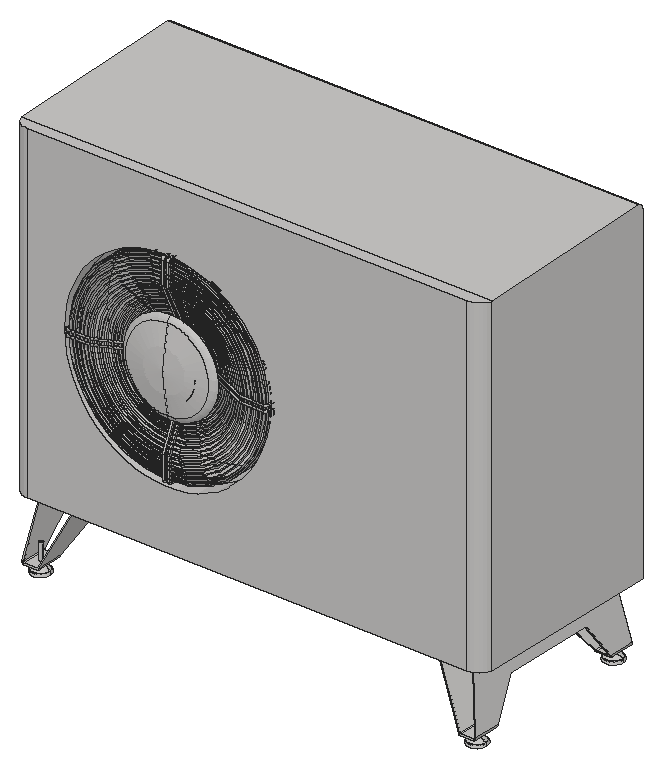
Revit family "HVAC_Heat-Pump_Enertech_CTC-EcoAir-406-408", category Specialty Equipment, Revit 2018
Family settings
  Round Connector Dimension = Use Diameter
  Part Type = Normal
  OmniClass Number = 23.75.00.00
  OmniClass Title = Climate Control (HVAC)
  Work Plane-Based = No
  Always vertical = Yes
  Cut with Voids When Loaded = No
  Shared = No
  Room Calculation Point = No
Parameters (values of type "CTC EcoAir 406 - 230V1N")
  Weight = "130"
  WaterVolumeWaterSuply = "N/A"
  WaterVolumeHeathingSystem = "1.9 liters"
  WarrantyStartDate [instance] = "n/a"
  WarrantyGuarantorParts = "n/a"
  WarrantyGuarantorLabor = "n/a"
  WarrantyDurationUnit = "Year"
  WarrantyDurationParts = "n/a"
  WarrantyDurationLabor = "n/a"
  WarrantyDescription = "n/a"
  VersionDate = "26/08/2021"  # constant formula
  Version = "1"  # constant formula
  UsageCurrent = 0 A
  Uniclass2015Reference = "Pr_40_70_65"
  Uniclass2015Description = "Preparation catering equipment"
  Uniclass2 = "Pr_40_70_65"
  URL = "https://ctc-heating.com/products/air-to-water-heat-pumps"
  UNSPSCCode = "40101806"
  Type Comments = ""
  Touchscreen = "no"
  TagNumber [instance] = "n/a"
  SustainabilityPerformance = "n/a"
  Status = "n/a"
  SpecifiedOutput = "6.2 kW"
  SoundPowerLWA = "56 dB"
  Sound pressureLPA 5m = "37 dB"
  Sound pressureLPA 1m = "N/A"
  Sound pressureLPA 10m = "31 dB"
  Size = "545x1245x1080 mm"
  Shape = "Rectangular"
  SerialNumber [instance] = "7312 xxxx xxxx"
  SEERWarm = "N/A"
  SEERModerate = "N/A"
  SEERCold = "N/A"
  SCOPWarm = "4.8"
  SCOPModerate = "3.9"
  SCOPCold = "3.5"
  Revision = "5"  # constant formula
  ReplacementCost = "n/a"
  RefrigerantType = "R407C"
  RefrigerantQuantity = "2.2 kg"
  ReferenceAirFlowRate = "N/A"
  Reference = "n/a"
  RatedVoltage = 230 V
  RatedHeatOutputModerate = "5 kW"
  RatedCurrent = 10.3 A
  PumpMainMaterial = Stainless Steel
  ProductInformation = "CTC EcoAir 400, a series of on/off air-to-water heat pumps available in six sizes with outputs of 6-17 kW. Model: 406-420"
  PowerFactor = 0 W
  PhaseReference = "n/a"
  PhaseAngle = 0.00°
  OutputRangeIimmersionHeater = "N/A"
  OutputRange = "n/a"
  NumberOfPoles = 1
  NominalWidth = 1245 mm
  NominalVoltage = 230 V
  NominalHeight = 1080 mm
  NominalFrequencyRange = 50 Hz
  NominalDepth = 545 mm
  NominalCurrent = 0 A
  Name = "CTC-EcoAir-406-408"  # constant formula
  NBSReference = "90-40-40/320"
  NBSDescription = "Air to water heat pumps"
  ModelReference = "n/a"
  ModelNumber = "585600011"
  MinimumCeilingHeight = "N/A"
  MaxStartingCurrent = "22.8 A"
  MaxOperatingPressureThermalStore = "3 bar"
  MaxOperatingPressureHotWater = "N/A"
  MaxAirFlowRate = "N/A"
  Material = "Steel/copper"
  ManufacturerURL = "https://ctc.se/"
  ManufacturerName = "Enertech AB"
  Model = "CTC EcoAir 406"
  ManufacturerCountry = "Sweden"
  Manufacturer = "Enertech AB"
  InsulationStandardClass = "n/a"
  InstallationDate [instance] = "n/a"
  InPutPower = "1.3 kW"
  IfcExportType = "HEATER"  # constant formula
  IfcExportAs = "IfcElectricalDeviceCommon"  # constant formula
  IP_Code = "IP X4"
  HotTapWaterPerformance = "N/A"
  HasProtectiveEarth = yes
  GroupFuse = "N/A"
  Grade = "n/a"
  Finish = "n/a"
  Features = "n/a"
  ExpectedLife = "n/a"
  EnergyClass_HotWater_TapProfile = "N/A"
  EnergyClassHeatingWithoutControl = "A++ / A+"
  EnergyClassHeatingWithControl = "A++ / A+"
  EANNumber = "7333077000103"
  DurationUnit = "Year"
  Description = "CTC EcoAir 400, a series of on/off air-to-water heat pumps available in six sizes with outputs of 6-17 kW. Model: 406-420"
  Cost = 0
  Constituents = "n/a"
  ConductorFunction = "n/a"
  Color = "grey"
  CodePerformance = "n/a"
  Capacity = "Fixed"
  COP = "4.78"
  CO2Equivalent = "3.902 tonnes"
  BrineSystem_Min_MaxPressure = "0.2 - 3.0 bar"
  Barcode [instance] = "n/a"
  AssetIdentifier [instance] = "n/a"
  Category = "Heat Pumps, Air-to-water"
  Brand = "CTC"
  BIMObjectName = "HVAC_Water-Heaters_Enertech_CTC-EcoAir-406-408"  # constant formula
  Author = "BIMStone"  # constant formula
  AssetType = "Fixed"
  AirFlow = "2500 m3/h"
  Accessories = ""
  AccessibilityPerformance = "n/a"
Reference planes
  plane 1 "Center (Front/Back)": y = 0
  plane 2: z = 0
  plane 3 "Center (Left/Right)": x = 0
  plane 4: x = -622.5
  plane 5: x = 622.5
  plane 6: y = 272.5
  plane 7: y = -272.5
  plane 8: z = 1080
Dimensions and locks
  equal spacing: plane 4, plane 3 "Center (Left/Right)", plane 5
  "NominalWidth": plane 4 to plane 5
  equal spacing: plane 6, plane 1 "Center (Front/Back)", plane 7
  "NominalDepth": plane 6 to plane 7
  "NominalHeight": plane 8 to level
  aligned and locked: level to plane 2
Nested families
  nested 1: "614" at (0, 0, 0), FanCap <- "PumpMainMaterial", Metal <- "PumpMainMaterial", type "614"
    with Metal Stainless Steel, FanCap Stainless Steel
Connectors
  electrical at (540.558, 300.904, 965.722)
    settings: on nested 1, index 4, voltage 0 V, apparent load 0 VA, apparent load phase1 0 VA, apparent load phase2 0 VA, apparent load phase3 0 VA, power factor 1, load classification "Other", number of poles 1, system type 31, power factor state 1, is connector primary yes, connector utility no, sub classification motor no, connector description ""
  piping at (537.759, 307.69, 784.435), diameter 28
    settings: on nested 1, index 5, connector inside diameter 609.6 mm, connector length 0 mm, flow factor 0, pipe flow 0.0 L/s, pressure drop 0.0 Pa, fitting loss kfactor 0, connector angle 0.00°, fixture units 0, engagement length 0 mm, angle of deflection 0.00°, flow configuration 0, flow direction 2, fitting loss method 0, system type 19, joint type 0, gender type 0, connector reference index -1, connector utility 0, adjustable connector no, is connector primary yes, connector description ""
  piping at (-91.596, 227.688, 160.958), diameter 42
    settings: on nested 1, index 6, connector inside diameter 609.6 mm, connector length 0 mm, flow factor 0, pipe flow 0.0 L/s, pressure drop 0.0 Pa, fitting loss kfactor 0, connector angle 0.00°, fixture units 0, engagement length 0 mm, angle of deflection 0.00°, flow configuration 0, flow direction 2, fitting loss method 0, system type 16, joint type 0, gender type 0, connector reference index -1, connector utility 0, adjustable connector no, is connector primary no, connector description ""
Definition of nested family "614"
  Parameters (values of type "614")
    Metal [instance] = none
    FanCap [instance] = none
  Reference planes
    plane 1 "Center (Front/Back)": y = 0
    plane 2: z = 0
    plane 3 "Center (Left/Right)": x = 0
    plane 4: y = 272.5
    plane 5: y = -272.5
    plane 6: x = -622.5
    plane 7: x = 622.5
    plane 8: z = 1080
  Forms (mm)
    Extrusion 1, solid, material <- "Metal", detail levels medium+fine
      sketch origin (0, -51.5, 0) x (1, 0, 0) y (0, 0, 1)
        loop
          line (-574.082, 182.179) -> (-600.551, 32.041)
          spline (-600.551, 32.041) -> (-600.646, 31.199) -> (-600.618, 30.351) -> (-600.469, 29.516) -> (-600.201, 28.711) -> (-599.82, 27.95) -> (-599.334, 27.251) -> (-598.752, 26.626) -> (-598.086, 26.089) -> (-597.35, 25.65) -> (-596.558, 25.318) -> (-595.726, 25.1) -> (-594.872, 25)
          line (-594.872, 25) -> (-560.514, 25)
          spline (-560.514, 25) -> (-559.958, 25.036) -> (-559.407, 25.122) -> (-558.867, 25.257) -> (-558.342, 25.44) -> (-557.836, 25.67) -> (-557.353, 25.943) -> (-556.897, 26.26) -> (-556.473, 26.615) -> (-556.083, 27.008) -> (-555.731, 27.433) -> (-555.42, 27.889) -> (-555.152, 28.37)
          line (-555.152, 28.37) -> (-479.238, 184.015)
          arc (-479.238, 184.015) -> (-478.132, 185.244) -> (-476.542, 185.7) r 3
          line (-476.542, 185.7) -> (-443, 185.7) -> (-443, 188.7) -> (-476.541, 188.7)
          arc (-476.541, 188.7) -> (-479.721, 187.789) -> (-481.934, 185.331) r 6
          line (-481.934, 185.331) -> (-557.839, 29.704)
          spline (-557.839, 29.704) -> (-557.976, 29.46) -> (-558.135, 29.23) -> (-558.315, 29.015) -> (-558.513, 28.816) -> (-558.729, 28.636) -> (-558.96, 28.477) -> (-559.206, 28.338) -> (-559.463, 28.222) -> (-559.73, 28.13) -> (-560.004, 28.062) -> (-560.283, 28.018) -> (-560.565, 28)
          line (-560.565, 28) -> (-594.758, 28)
          spline (-594.758, 28) -> (-595.186, 28.05) -> (-595.601, 28.159) -> (-595.997, 28.325) -> (-596.366, 28.545) -> (-596.698, 28.813) -> (-596.989, 29.125) -> (-597.232, 29.475) -> (-597.423, 29.855) -> (-597.557, 30.258) -> (-597.631, 30.676) -> (-597.645, 31.099) -> (-597.598, 31.521)
          line (-597.598, 31.521) -> (-571.129, 181.658)
          arc (-571.129, 181.658) -> (-572.441, 186.557) -> (-577.037, 188.7) r 6
          line (-577.037, 188.7) -> (-617.583, 188.7) -> (-617.583, 185.7) -> (-577.036, 185.7)
          arc (-577.036, 185.7) -> (-574.738, 184.628) -> (-574.082, 182.179) r 3
      from 209.05 to -322.5
    Extrusion 2, void
      sketch origin (0, -54.029, 0) x (0, 1, 0) y (0, 0, 1)
        loop
          line (320.757, 25) -> (292.005, 198.796) -> (-167.933, 198.796) -> (-198.014, 25) -> (-161.739, 25) -> (-130.105, 25) -> (-61.892, 123.298) -> (185.449, 123.298) -> (254.279, 25) -> (290.303, 25) -> (320.757, 25)
        loop
          line (398.479, -21.204) -> (398.479, 253.796) -> (-341.521, 253.796) -> (-341.521, -21.204) -> (398.479, -21.204)
      from 811.229 to -801.146
    Revolve 3, solid, material <- "Metal", detail levels medium+fine
      sketch origin (-65.118, 233.55, 0) x (-1, 0, 0) y (0, 0, 1)
        loop
          line (-642.631, 70) -> (-642.631, 0) -> (-616.967, 0) -> (-618.973, 6.04)
          arc (-618.973, 6.04) -> (-619.174, 6.44) -> (-619.48, 6.765) r 1.546
          line (-619.48, 6.765) -> (-630.811, 15.738)
          arc (-630.811, 15.738) -> (-631.165, 15.933) -> (-631.563, 16) r 1.211
          line (-631.563, 16) -> (-637.631, 16) -> (-637.631, 70) -> (-642.631, 70)
        axis (-642.631, 70) -> (-642.631, 0)
      angle from 0 to 360
    Revolve 4, solid, material <- "Metal", detail levels medium+fine
      sketch origin (65.118, 233.55, 0) x (1, 0, 0) y (0, 0, -1)
        loop
          line (-642.631, -70) -> (-637.631, -70) -> (-637.631, -16) -> (-631.563, -16)
          arc (-631.563, -16) -> (-631.165, -15.933) -> (-630.811, -15.738) r 1.211
          line (-630.811, -15.738) -> (-619.48, -6.765)
          arc (-619.48, -6.765) -> (-619.174, -6.44) -> (-618.973, -6.04) r 1.546
          line (-618.973, -6.04) -> (-616.967, 0) -> (-642.631, 0) -> (-642.631, -70)
        axis (-642.631, -70) -> (-642.631, 0)
      angle from 0 to 360
    Revolve 5, solid, material <- "Metal", detail levels medium+fine
      sketch origin (-65.118, -217.939, 0) x (-1, 0, 0) y (0, 0, 1)
        loop
          line (-642.631, 70) -> (-642.631, 0) -> (-616.967, 0) -> (-618.973, 6.04)
          arc (-618.973, 6.04) -> (-619.174, 6.44) -> (-619.48, 6.765) r 1.546
          line (-619.48, 6.765) -> (-630.811, 15.738)
          arc (-630.811, 15.738) -> (-631.165, 15.933) -> (-631.563, 16) r 1.211
          line (-631.563, 16) -> (-637.631, 16) -> (-637.631, 70) -> (-642.631, 70)
        axis (-642.631, 70) -> (-642.631, 0)
      angle from 0 to 360
    Revolve 6, solid, material <- "Metal", detail levels medium+fine
      sketch origin (65.118, -217.939, 0) x (1, 0, 0) y (0, 0, -1)
        loop
          line (-642.631, -70) -> (-637.631, -70) -> (-637.631, -16) -> (-631.563, -16)
          arc (-631.563, -16) -> (-631.165, -15.933) -> (-630.811, -15.738) r 1.211
          line (-630.811, -15.738) -> (-619.48, -6.765)
          arc (-619.48, -6.765) -> (-619.174, -6.44) -> (-618.973, -6.04) r 1.546
          line (-618.973, -6.04) -> (-616.967, 0) -> (-642.631, 0) -> (-642.631, -70)
        axis (-642.631, -70) -> (-642.631, 0)
      angle from 0 to 360
    Extrusion 7, solid, material <- "Metal", detail levels medium+fine
      sketch origin (0, -1.5, 0) x (0, 1, 0) y (0, 0, 1)
        loop
          line (274, 1008.908) -> (-222.527, 1008.908) -> (-222.527, 188.7) -> (274, 188.7) -> (274, 1008.908)
        loop
          line (269, 1003.908) -> (-218.527, 1003.908) -> (-218.527, 193.7) -> (269, 193.7) -> (269, 1003.908)
      from -622.5 to 622.5
    Extrusion 8, solid, material <- "Metal", detail levels medium+fine
      sketch origin (0, -51.5, 0) x (-1, 0, 0) y (0, 0, -1)
        loop
          arc (-574.082, -182.179) -> (-574.738, -184.628) -> (-577.036, -185.7) r 3
          line (-577.036, -185.7) -> (-617.583, -185.7) -> (-617.583, -188.7) -> (-577.037, -188.7)
          arc (-577.037, -188.7) -> (-572.441, -186.557) -> (-571.129, -181.658) r 6
          line (-571.129, -181.658) -> (-597.598, -31.521)
          spline (-597.598, -31.521) -> (-597.645, -31.099) -> (-597.631, -30.676) -> (-597.557, -30.258) -> (-597.423, -29.855) -> (-597.232, -29.475) -> (-596.989, -29.125) -> (-596.698, -28.813) -> (-596.366, -28.545) -> (-595.997, -28.325) -> (-595.601, -28.159) -> (-595.186, -28.05) -> (-594.758, -28)
          line (-594.758, -28) -> (-560.565, -28)
          spline (-560.565, -28) -> (-560.283, -28.018) -> (-560.004, -28.062) -> (-559.73, -28.13) -> (-559.463, -28.222) -> (-559.206, -28.338) -> (-558.96, -28.477) -> (-558.729, -28.636) -> (-558.513, -28.816) -> (-558.315, -29.015) -> (-558.135, -29.23) -> (-557.976, -29.46) -> (-557.839, -29.704)
          line (-557.839, -29.704) -> (-481.934, -185.331)
          arc (-481.934, -185.331) -> (-479.721, -187.789) -> (-476.541, -188.7) r 6
          line (-476.541, -188.7) -> (-443, -188.7) -> (-443, -185.7) -> (-476.542, -185.7)
          arc (-476.542, -185.7) -> (-478.132, -185.244) -> (-479.238, -184.015) r 3
          line (-479.238, -184.015) -> (-555.152, -28.37)
          spline (-555.152, -28.37) -> (-555.42, -27.889) -> (-555.731, -27.433) -> (-556.083, -27.008) -> (-556.473, -26.615) -> (-556.897, -26.26) -> (-557.353, -25.943) -> (-557.836, -25.67) -> (-558.342, -25.44) -> (-558.867, -25.257) -> (-559.407, -25.122) -> (-559.958, -25.036) -> (-560.514, -25)
          line (-560.514, -25) -> (-594.872, -25)
          spline (-594.872, -25) -> (-595.726, -25.1) -> (-596.558, -25.318) -> (-597.35, -25.65) -> (-598.086, -26.089) -> (-598.752, -26.626) -> (-599.334, -27.251) -> (-599.82, -27.95) -> (-600.201, -28.711) -> (-600.469, -29.516) -> (-600.618, -30.351) -> (-600.646, -31.199) -> (-600.551, -32.041)
          line (-600.551, -32.041) -> (-574.082, -182.179)
      from 209 to -322.5
    Extrusion 9, solid, material <- "Metal", detail levels medium+fine
      sketch origin (-622.5, -1.5, 0) x (0, -1, 0) y (0, 0, 1)
        loop
          line (-274, 1008.908) -> (-274, 188.7) -> (222.527, 188.7) -> (222.527, 1008.908) -> (-274, 1008.908)
      from 0 to -5
    Extrusion 10, solid, material <- "Metal", detail levels medium+fine
      sketch origin (622.5, -1.5, 0) x (0, -1, 0) y (0, 0, -1)
        loop
          line (-274, -1008.908) -> (222.527, -1008.908) -> (222.527, -188.7) -> (-274, -188.7) -> (-274, -1008.908)
      from 0 to -5
    Extrusion 11, solid, material <- "Metal", detail levels medium+fine
      sketch origin (0, -1.5, 0) x (0, 1, 0) y (0, 0, 1)
        loop
          line (274, 1008.908) -> (274, 1066.753)
          arc (274, 1066.753) -> (270.108, 1076.127) -> (260.72, 1079.987) r 13.234
          arc (260.72, 1079.987) -> (18.987, 1075.725) -> (-222.527, 1064.601) r 8515.48
          line (-222.527, 1064.601) -> (-222.527, 1008.908) -> (274, 1008.908)
      from -622.5 to 622.5
    Extrusion 12, solid, material <- "Metal", detail levels medium+fine
      sketch origin (0, -1.5, 0) x (1, 0, 0) y (0, 1, 0)
        loop
          arc (-582.016, -255.128) -> (0, -271) -> (582.016, -255.128) r 10678.744
          arc (582.016, -255.128) -> (607.217, -245.681) -> (622.5, -223.527) r 44.937
          line (622.5, -223.527) -> (622.5, -222.527) -> (-622.5, -222.527) -> (-622.5, -223.527)
          arc (-622.5, -223.527) -> (-607.217, -245.681) -> (-582.016, -255.128) r 44.937
      from 188.7 to 1064.601
    Extrusion 13, void
      sketch origin (0, -1.5, 0) x (1, 0, 0) y (0, 0, 1)
        loop
          circle (-203.5, 631) r 275
      from 0 to 447.102
    Extrusion 14, solid, material <- "Metal", detail levels medium+fine
      sketch origin (0, -1.5, 0) x (1, 0, 0) y (0, 0, 1)
        loop
          circle (-203.5, 631) r 275
        loop
          circle (-203.5, 631) r 280
      from 123.132 to 234.897
    Revolve 15, solid, material <- "Metal", detail levels medium+fine
      sketch origin (-203.5, -1.5, 0) x (0, 1, 0) y (0, 0, 1)
        loop
          circle (-217.288, 725.876) r 1.5
        loop
          circle (-220.823, 733.271) r 1.5
        loop
          circle (-224.213, 740.557) r 1.5
        loop
          circle (-227.642, 747.922) r 1.5
        loop
          circle (-230.934, 755.21) r 1.5
        loop
          circle (-234.429, 762.514) r 1.5
        loop
          circle (-237.879, 769.818) r 1.5
        loop
          circle (-241.329, 777.077) r 1.5
        loop
          circle (-244.69, 784.336) r 1.5
        loop
          circle (-248.095, 791.685) r 1.5
        loop
          circle (-252.307, 800.736) r 1.5
        loop
          circle (-256.564, 809.787) r 1.5
        loop
          circle (-260.776, 818.883) r 1.5
        loop
          circle (-265.102, 828.246) r 1.5
        loop
          circle (-266.228, 837.906) r 1.5
        loop
          circle (-266.11, 848.039) r 1.5
        loop
          circle (-266.11, 857.876) r 1.5
        loop
          circle (-266.11, 867.95) r 1.5
        loop
          circle (-266.2, 878.045) r 1.5
        loop
          circle (-266.2, 887.959) r 1.5
        loop
          circle (-259.758, 893.112) r 1.5
        loop
          circle (-250.174, 893.008) r 1.5
        loop
          circle (-240.589, 893.112) r 1.5
        loop
          circle (-232.602, 893.008) r 1.5
        loop
          circle (-224.666, 893.06) r 1.5
        axis (-267.728, 631) -> (-215.788, 631)
      angle from 0 to 360
    Sweep 16, solid, material <- "Metal", detail levels medium+fine
      path origin (0, -1.5, 0) x (0, 1, 0) y (0, 0, 1)
        loop
          line (-220.425, 929.012) -> (-220.425, 902.301)
          arc (-220.425, 902.301) -> (-222.183, 898.058) -> (-226.425, 896.301) r 6
          line (-226.425, 896.301) -> (-265.552, 896.301)
          arc (-265.552, 896.301) -> (-268.38, 895.129) -> (-269.552, 892.301) r 4
          line (-269.552, 892.301) -> (-269.552, 829.288) -> (-218.974, 720.823) -> (-218.974, 682.016)
      profile origin (0, -221.925, 915.657) x (1, 0, 0) y (0, 1, 0)
        loop
          circle (-211.979, 0) r 2.507
    Sweep 17, solid, material <- "Metal", detail levels medium+fine
      path origin (14, -1.5, 0) x (0, 1, 0) y (0, 0, 1)
        loop
          line (-220.425, 929.012) -> (-220.425, 902.301)
          arc (-220.425, 902.301) -> (-222.183, 898.058) -> (-226.425, 896.301) r 6
          line (-226.425, 896.301) -> (-265.552, 896.301)
          arc (-265.552, 896.301) -> (-268.38, 895.129) -> (-269.552, 892.301) r 4
          line (-269.552, 892.301) -> (-269.552, 829.288) -> (-218.974, 720.823) -> (-218.974, 682.016)
      profile origin (14, -221.925, 915.657) x (1, 0, 0) y (0, 1, 0)
        loop
          circle (-211.979, 0) r 2.507
    Sweep 18, solid, material <- "Metal", detail levels medium+fine
      path origin (-834.5, -1.5, 427.5) x (1, 0, 0) y (0, 1, 0)
        loop
          line (929.012, -220.425) -> (902.301, -220.425)
          arc (902.301, -220.425) -> (898.058, -222.183) -> (896.301, -226.425) r 6
          line (896.301, -226.425) -> (896.301, -265.552)
          arc (896.301, -265.552) -> (895.129, -268.38) -> (892.301, -269.552) r 4
          line (892.301, -269.552) -> (829.288, -269.552) -> (720.823, -218.974) -> (682.016, -218.974)
      profile origin (81.157, -221.925, 427.5) x (0, -1, 0) y (0, 0, 1)
        loop
          circle (0, 211.979) r 2.507
    Sweep 19, solid, material <- "Metal", detail levels medium+fine
      path origin (-834.5, -1.5, 413.5) x (1, 0, 0) y (0, 1, 0)
        loop
          line (929.012, -220.425) -> (902.301, -220.425)
          arc (902.301, -220.425) -> (898.058, -222.183) -> (896.301, -226.425) r 6
          line (896.301, -226.425) -> (896.301, -265.552)
          arc (896.301, -265.552) -> (895.129, -268.38) -> (892.301, -269.552) r 4
          line (892.301, -269.552) -> (829.288, -269.552) -> (720.823, -218.974) -> (682.016, -218.974)
      profile origin (81.157, -221.925, 413.5) x (0, -1, 0) y (0, 0, 1)
        loop
          circle (0, 211.979) r 2.507
    Sweep 20, solid, material <- "Metal", detail levels medium+fine
      path origin (-407, -1.5, 1262) x (0, 1, 0) y (0, 0, -1)
        loop
          line (-220.425, 929.012) -> (-220.425, 902.301)
          arc (-220.425, 902.301) -> (-222.183, 898.058) -> (-226.425, 896.301) r 6
          line (-226.425, 896.301) -> (-265.552, 896.301)
          arc (-265.552, 896.301) -> (-268.38, 895.129) -> (-269.552, 892.301) r 4
          line (-269.552, 892.301) -> (-269.552, 829.288) -> (-218.974, 720.823) -> (-218.974, 682.016)
      profile origin (-407, -221.925, 346.343) x (0, 1, 0) y (-1, 0, 0)
        loop
          circle (0, -211.979) r 2.507
    Sweep 21, solid, material <- "Metal", detail levels medium+fine
      path origin (-421, -1.5, 1262) x (0, 1, 0) y (0, 0, -1)
        loop
          line (-220.425, 929.012) -> (-220.425, 902.301)
          arc (-220.425, 902.301) -> (-222.183, 898.058) -> (-226.425, 896.301) r 6
          line (-226.425, 896.301) -> (-265.552, 896.301)
          arc (-265.552, 896.301) -> (-268.38, 895.129) -> (-269.552, 892.301) r 4
          line (-269.552, 892.301) -> (-269.552, 829.288) -> (-218.974, 720.823) -> (-218.974, 682.016)
      profile origin (-421, -221.925, 346.343) x (0, 1, 0) y (-1, 0, 0)
        loop
          circle (0, -211.979) r 2.507
    Sweep 22, solid, material <- "Metal", detail levels medium+fine
      path origin (427.5, -1.5, 834.5) x (0, 1, 0) y (-1, 0, 0)
        loop
          line (-220.425, 929.012) -> (-220.425, 902.301)
          arc (-220.425, 902.301) -> (-222.183, 898.058) -> (-226.425, 896.301) r 6
          line (-226.425, 896.301) -> (-265.552, 896.301)
          arc (-265.552, 896.301) -> (-268.38, 895.129) -> (-269.552, 892.301) r 4
          line (-269.552, 892.301) -> (-269.552, 829.288) -> (-218.974, 720.823) -> (-218.974, 682.016)
      profile origin (-488.157, -221.925, 834.5) x (0, 1, 0) y (0, 0, 1)
        loop
          circle (0, -211.979) r 2.507
    Sweep 23, solid, material <- "Metal", detail levels medium+fine
      path origin (427.5, -1.5, 848.5) x (0, 1, 0) y (-1, 0, 0)
        loop
          line (-220.425, 929.012) -> (-220.425, 902.301)
          arc (-220.425, 902.301) -> (-222.183, 898.058) -> (-226.425, 896.301) r 6
          line (-226.425, 896.301) -> (-265.552, 896.301)
          arc (-265.552, 896.301) -> (-268.38, 895.129) -> (-269.552, 892.301) r 4
          line (-269.552, 892.301) -> (-269.552, 829.288) -> (-218.974, 720.823) -> (-218.974, 682.016)
      profile origin (-488.157, -221.925, 848.5) x (0, 1, 0) y (0, 0, 1)
        loop
          circle (0, -211.979) r 2.507
    Revolve 24, solid, material <- "FanCap", detail levels medium+fine
      sketch origin (-203.5, -1.5, 0) x (0, 1, 0) y (0, 0, 1)
        loop
          arc (-254.2, 756) -> (-260.741, 749.684) -> (-264.628, 741.463) r 25.312
          arc (-264.628, 741.463) -> (-275.489, 686.705) -> (-279.13, 631) r 427.951
          line (-279.13, 631) -> (-223.7, 631) -> (-223.7, 707.538) -> (-269.181, 707.538)
          arc (-269.181, 707.538) -> (-265.787, 724.188) -> (-261.73, 740.689) r 424.951
          arc (-261.73, 740.689) -> (-258.885, 747.083) -> (-254.2, 752.282) r 22.312
          line (-254.2, 752.282) -> (-254.2, 756)
        axis (-223.7, 631) -> (-279.13, 631)
      angle from 0 to 360
    Extrusion 25, solid, material <- "Metal", detail levels medium+fine
      sketch origin (0, -1.5, 0) x (1, 0, 0) y (0, 1, 0)
        loop
          circle (-91.596, 229.188) r 21
      from 160.958 to 193.7
    Extrusion 26, solid, material <- "Metal", detail levels medium+fine
      sketch origin (0, -1.5, 0) x (1, 0, 0) y (0, 0, 1)
        loop
          circle (537.759, 784.435) r 14
      from -309.19 to -267.5
    Extrusion 27, solid, material <- "Metal", detail levels medium+fine
      sketch origin (0, -1.5, -475.979) x (1, 0, 0) y (0, 0, 1)
        loop
          circle (537.759, 784.435) r 14
      from -309.19 to -267.5
    Extrusion 28, solid, material <- "Metal", detail levels medium+fine
      sketch origin (0, -1.5, 0) x (1, 0, 0) y (0, 0, 1)
        loop
          circle (540.558, 965.722) r 16.5
      from -302.404 to -269.41
    Extrusion 29, solid, material <- "Metal", detail levels coarse
      sketch origin (0, 0, 0) x (1, 0, 0) y (0, 1, 0)
        loop
          line (-622.5, 272.5) -> (-622.5, -272.5) -> (622.5, -272.5) -> (622.5, 272.5) -> (-622.5, 272.5)
      from 0 to 1080
  Cuts and joins
    Extrusion 2 cuts Extrusion 1
    Extrusion 13 cuts Extrusion 7
    Extrusion 2 cuts Extrusion 8
    Extrusion 13 cuts Extrusion 12
    joined: Extrusion 1, Revolve 3, Revolve 4, Revolve 5, Revolve 6, Extrusion 7, Extrusion 8, Extrusion 9, Extrusion 10, Extrusion 11, Extrusion 12, Extrusion 14, Revolve 15, Sweep 16, Sweep 17, Sweep 18, Sweep 19, Sweep 20, Sweep 21, Sweep 22, Sweep 23, Extrusion 25, Extrusion 26, Extrusion 27, Extrusion 28
  Lines and regions (mm)
    symbolic lines, detail levels medium+fine
      curve 1: line (-622.5, -224.91, 0) -> (-622.5, 260.196, 0)
      curve 2: line (610.196, 272.5, 0) -> (551.759, 272.5, 0)
      curve 3: arc (-610.196, 272.5, 0) -> (-618.896, 268.896, 0) -> (-622.5, 260.196, 0) r 12.304
      curve 4: line (0, 272.5, 1005) -> (0, 272.5, 1065.494)
      curve 5: arc (0, 257.95, 1080.001) -> (0, 20.236, 1075.926) -> (0, -217.266, 1065.104) r 8374.927
      curve 6: line (0, -272.5, 1032.655) -> (0, -272.5, 267.655)
      curve 7: arc (0, -243.205, 191.02) -> (0, -259.16, 228.838) -> (0, -272.5, 267.655) r 602.005
      curve 8: line (0, -223.883, 188.7) -> (0, -239.575, 188.7)
      curve 9: line (0, -223.883, 188.7) -> (0, -251.239, 25)
      curve 10: line (0, -251.239, 25) -> (0, -222.939, 25)
      curve 11: line (0, -241.09, 6.765) -> (0, -229.76, 15.738)
      curve 12: arc (0, -241.598, 6.04) -> (0, -241.397, 6.44) -> (0, -241.09, 6.765) r 1.546
      curve 13: line (0, -243.604, 0) -> (0, -241.598, 6.04)
      curve 14: arc (0, -229.76, 15.738) -> (0, -229.406, 15.933) -> (0, -229.008, 16) r 1.211
      curve 15: line (0, -222.939, 16) -> (0, -229.008, 16)
      curve 16: line (0, -192.275, 0) -> (0, -243.604, 0)
      curve 17: line (0, -192.275, 0) -> (0, -194.281, 6.04)
      curve 18: arc (0, -194.281, 6.04) -> (0, -194.482, 6.44) -> (0, -194.789, 6.765) r 1.546
      curve 19: line (0, -194.789, 6.765) -> (0, -206.119, 15.738)
      curve 20: arc (0, -206.119, 15.738) -> (0, -206.473, 15.933) -> (0, -206.871, 16) r 1.211
      curve 21: line (0, -212.939, 16) -> (0, -206.871, 16)
      curve 22: line (0, -212.939, 16) -> (0, -212.939, 25)
      curve 23: line (0, -222.939, 16) -> (0, -222.939, 25)
      curve 24: line (0, -212.939, 25) -> (0, -184.133, 25)
      curve 25: line (0, -115.921, 123.298) -> (0, -184.133, 25)
      curve 26: line (0, 131.421, 123.298) -> (0, -115.921, 123.298)
      curve 27: line (0, 200.25, 25) -> (0, 131.421, 123.298)
      curve 28: line (0, 266.739, 25) -> (0, 238.439, 25)
      curve 29: line (0, 256.59, 6.765) -> (0, 245.26, 15.738)
      curve 30: arc (0, 257.098, 6.04) -> (0, 256.897, 6.44) -> (0, 256.59, 6.765) r 1.546
      curve 31: line (0, 259.104, 0) -> (0, 257.098, 6.04)
      curve 32: arc (0, 245.26, 15.738) -> (0, 244.906, 15.933) -> (0, 244.508, 16) r 1.211
      curve 33: line (0, 238.439, 16) -> (0, 244.508, 16)
      curve 34: line (0, 207.775, 0) -> (0, 259.104, 0)
      curve 35: line (0, 207.775, 0) -> (0, 209.781, 6.04)
      curve 36: arc (0, 209.781, 6.04) -> (0, 209.982, 6.44) -> (0, 210.289, 6.765) r 1.546
      curve 37: line (0, 210.289, 6.765) -> (0, 221.619, 15.738)
      curve 38: arc (0, 221.619, 15.738) -> (0, 221.973, 15.933) -> (0, 222.371, 16) r 1.211
      curve 39: line (0, 228.439, 16) -> (0, 222.371, 16)
      curve 40: line (0, 228.439, 16) -> (0, 228.439, 25)
      curve 41: line (0, 238.439, 16) -> (0, 238.439, 25)
      curve 42: line (0, 228.439, 25) -> (0, 199.447, 25)
      curve 43: line (0, 131.421, 123.298) -> (0, 199.633, 25)
      curve 44: line (0, 266.739, 25) -> (0, 239.383, 188.7)
      curve 45: line (0, 272.5, 188.7) -> (0, 239.383, 188.7)
      curve 46: line (0, 272.5, 188.7) -> (0, 272.5, 294.457)
      curve 47: arc (0, 272.5, 1065.494) -> (0, 268.236, 1075.768) -> (0, 257.95, 1080.001) r 14.507
      curve 49: arc (0, -239.575, 188.7) -> (0, -241.729, 189.33) -> (0, -243.205, 191.02) r 4
      curve 50: arc (0, -217.266, 1065.104) -> (0, -228.9, 1064.171) -> (0, -240.487, 1062.765) r 286.888
      curve 51: arc (0, -240.487, 1062.765) -> (0, -251.113, 1060.281) -> (0, -261.136, 1055.966) r 61.737
      curve 52: arc (0, -271.174, 1043.404) -> (0, -272.167, 1038.07) -> (0, -272.5, 1032.655) r 44.231
      curve 53: arc (0, -261.136, 1055.966) -> (0, -267.433, 1050.706) -> (0, -271.174, 1043.404) r 20.571
      curve 62: line (622.5, -224.91, 0) -> (622.5, 260.196, 0)
      curve 63: arc (610.196, 272.5, 0) -> (618.896, 268.896, 0) -> (622.5, 260.196, 0) r 12.304
      curve 64: line (-620.542, -228.878, 0) -> (-583.97, -256.914, 0)
      curve 65: arc (-622.5, -224.91, 0) -> (-621.984, -227.122, 0) -> (-620.542, -228.878, 0) r 5
      curve 66: arc (-583.97, -256.914, 0) -> (-581.837, -258.088, 0) -> (-579.45, -258.574, 0) r 8.094
      curve 67: line (620.542, -228.878, 0) -> (583.97, -256.914, 0)
      curve 68: arc (622.5, -224.91, 0) -> (621.984, -227.122, 0) -> (620.542, -228.878, 0) r 5
      curve 69: arc (583.97, -256.914, 0) -> (581.454, -258.218, 0) -> (578.642, -258.574, 0) r 8.094
      curve 70: arc (-579.45, -258.574, 0) -> (-526.223, -261.114, 0) -> (-472.984, -263.409, 0) r 11590.776
      curve 71: line (-472.984, -263.409, 0) -> (-472.984, -265.642, 0)
      curve 72: line (-466.126, -272.5, 0) -> (-404.877, -272.5, 0)
      curve 73: arc (-472.984, -265.642, 0) -> (-470.975, -270.491, 0) -> (-466.126, -272.5, 0) r 6.858
      curve 74: line (-400.94, -271.627, 0) -> (-394.677, -268.707, 0)
      curve 75: arc (-404.877, -272.5, 0) -> (-402.861, -272.279, 0) -> (-400.94, -271.627, 0) r 9.316
      curve 76: line (-390.051, -272.5, 0) -> (-347.421, -272.5, 0)
      curve 77: arc (-347.421, -272.5, 0) -> (-345.08, -270.493, 0) -> (-346.705, -267.873, 0) r 2.369
      curve 78: arc (-394.677, -268.707, 0) -> (-393.042, -271.43, 0) -> (-390.051, -272.5, 0) r 4.717
      curve 80: arc (-346.705, -267.873, 0) -> (116.061, -272.462, 0) -> (578.642, -258.574, 0) r 11590.776
      curve 94: line (-622.5, 0, 1026.605) -> (-622.5, 0, 189)
      curve 95: line (-621.5, 0, 188) -> (-617.502, 0, 188)
      curve 96: arc (-622.5, 0, 189) -> (-622.207, 0, 188.293) -> (-621.5, 0, 188) r 1
      curve 97: line (-617.502, 0, 185) -> (-617.502, 0, 188)
      curve 98: line (-617.502, 0, 185) -> (-577.077, 0, 185)
      curve 99: line (-574.123, 0, 181.479) -> (-600.472, 0, 32.042)
      curve 100: line (-594.564, 0, 25) -> (-582.513, 0, 25)
      curve 101: arc (-600.472, 0, 32.042) -> (-599.16, 0, 27.143) -> (-594.564, 0, 25) r 6
      curve 102: arc (-577.077, 0, 185) -> (-574.779, 0, 183.928) -> (-574.123, 0, 181.479) r 3
      curve 103: line (-582.513, 0, 16) -> (-582.513, 0, 25)
      curve 104: line (-588.582, 0, 16) -> (-582.513, 0, 16)
      curve 105: line (-600.664, 0, 6.765) -> (-589.334, 0, 15.738)
      curve 106: arc (-601.172, 0, 6.04) -> (-600.971, 0, 6.44) -> (-600.664, 0, 6.765) r 1.546
      curve 107: line (-603.178, 0, 0) -> (-601.172, 0, 6.04)
      curve 108: line (-603.178, 0, 0) -> (-551.849, 0, 0)
      curve 109: arc (-589.334, 0, 15.738) -> (-588.98, 0, 15.933) -> (-588.582, 0, 16) r 1.211
      curve 110: line (-553.855, 0, 6.04) -> (-551.849, 0, 0)
      curve 111: arc (-554.363, 0, 6.765) -> (-554.056, 0, 6.44) -> (-553.855, 0, 6.04) r 1.546
      curve 112: line (-565.693, 0, 15.738) -> (-554.363, 0, 6.765)
      curve 113: arc (-566.445, 0, 16) -> (-566.047, 0, 15.933) -> (-565.693, 0, 15.738) r 1.211
      curve 114: line (-572.513, 0, 25) -> (-572.513, 0, 16)
      curve 115: line (-572.513, 0, 16) -> (-566.445, 0, 16)
      curve 116: line (-572.513, 0, 25) -> (-560.512, 0, 25)
      curve 121: line (-476.802, 0, 185) -> (-450.093, 0, 185)
      curve 122: line (-447.41, 0, 185.633) -> (-442.677, 0, 188)
      curve 123: line (442.677, 0, 188) -> (-70.596, 0, 188)
      curve 124: arc (-450.093, 0, 185) -> (-448.715, 0, 185.161) -> (-447.41, 0, 185.633) r 6
      curve 125: line (-555.071, 0, 28.37) -> (-479.499, 0, 183.315)
      curve 126: arc (-479.499, 0, 183.315) -> (-478.392, 0, 184.544) -> (-476.802, 0, 185) r 3
      curve 127: arc (-560.512, 0, 25) -> (-557.312, 0, 25.911) -> (-555.071, 0, 28.37) r 6.078
      curve 128: line (621.5, 0, 188) -> (617.502, 0, 188)
      curve 129: arc (622.5, 0, 189) -> (622.207, 0, 188.293) -> (621.5, 0, 188) r 1
      curve 130: line (617.502, 0, 185) -> (617.502, 0, 188)
      curve 131: line (617.502, 0, 185) -> (577.077, 0, 185)
      curve 132: line (574.123, 0, 181.479) -> (600.472, 0, 32.042)
      curve 133: line (594.564, 0, 25) -> (582.513, 0, 25)
      curve 134: arc (600.472, 0, 32.042) -> (599.16, 0, 27.143) -> (594.564, 0, 25) r 6
      curve 135: arc (577.077, 0, 185) -> (574.779, 0, 183.928) -> (574.123, 0, 181.479) r 3
      curve 136: line (582.513, 0, 16) -> (582.513, 0, 25)
      curve 137: line (588.582, 0, 16) -> (582.513, 0, 16)
      curve 138: line (600.664, 0, 6.765) -> (589.334, 0, 15.738)
      curve 139: arc (601.172, 0, 6.04) -> (600.971, 0, 6.44) -> (600.664, 0, 6.765) r 1.546
      curve 140: line (603.178, 0, 0) -> (601.172, 0, 6.04)
      curve 141: line (603.178, 0, 0) -> (551.849, 0, 0)
      curve 142: arc (589.334, 0, 15.738) -> (588.98, 0, 15.933) -> (588.582, 0, 16) r 1.211
      curve 143: line (553.855, 0, 6.04) -> (551.849, 0, 0)
      curve 144: arc (554.363, 0, 6.765) -> (554.056, 0, 6.44) -> (553.855, 0, 6.04) r 1.546
      curve 145: line (565.693, 0, 15.738) -> (554.363, 0, 6.765)
      curve 146: arc (566.445, 0, 16) -> (566.047, 0, 15.933) -> (565.693, 0, 15.738) r 1.211
      curve 147: line (572.513, 0, 25) -> (572.513, 0, 16)
      curve 148: line (572.513, 0, 16) -> (566.445, 0, 16)
      curve 149: line (572.513, 0, 25) -> (560.512, 0, 25)
      curve 150: line (476.802, 0, 185) -> (450.093, 0, 185)
      curve 151: line (447.41, 0, 185.633) -> (442.677, 0, 188)
      curve 152: arc (450.093, 0, 185) -> (448.715, 0, 185.161) -> (447.41, 0, 185.633) r 6
      curve 153: line (555.071, 0, 28.37) -> (479.499, 0, 183.315)
      curve 154: arc (479.499, 0, 183.315) -> (478.392, 0, 184.544) -> (476.802, 0, 185) r 3
      curve 155: arc (560.512, 0, 25) -> (557.312, 0, 25.911) -> (555.071, 0, 28.37) r 6.078
      curve 156: line (622.5, 0, 1026.605) -> (622.5, 0, 189)
      curve 157: arc (-619.573, 0, 1034.296) -> (-621.744, 0, 1030.719) -> (-622.5, 0, 1026.605) r 11.568
      curve 158: arc (-588.272, 0, 1068.783) -> (-604.007, 0, 1051.616) -> (-619.573, 0, 1034.296) r 2385.259
      curve 159: arc (-583.628, 0, 1071.492) -> (-586.152, 0, 1070.484) -> (-588.272, 0, 1068.783) r 9.218
      curve 160: arc (619.573, 0, 1034.296) -> (621.744, 0, 1030.719) -> (622.5, 0, 1026.605) r 11.568
      curve 161: arc (588.272, 0, 1068.783) -> (604.007, 0, 1051.616) -> (619.573, 0, 1034.296) r 2385.259
      curve 162: arc (583.628, 0, 1071.492) -> (586.152, 0, 1070.484) -> (588.272, 0, 1068.783) r 9.218
      curve 163: arc (-583.628, 0, 1071.492) -> (0, 0, 1080) -> (583.628, 0, 1071.492) r 20022.066
      curve 340: line (-112.596, 0, 160.958) -> (-70.596, 0, 160.958)
      curve 341: line (-70.596, 0, 160.958) -> (-70.596, 0, 188)
      curve 342: line (-112.596, 0, 160.958) -> (-112.596, 0, 188)
      curve 343: line (-112.596, 0, 188) -> (-442.677, 0, 188)
      curve 345: line (0, 300.904, 982.222) -> (0, 300.904, 949.222)
      curve 346: line (0, 300.904, 982.222) -> (0, 272.5, 982.222)
      curve 347: line (0, 300.904, 949.222) -> (0, 272.5, 949.222)
      curve 348: line (0, 307.69, 798.435) -> (0, 307.69, 770.435)
      curve 349: line (0, 307.69, 798.435) -> (0, 272.5, 798.435)
      curve 350: line (0, 307.69, 770.435) -> (0, 272.5, 770.435)
      curve 351: line (0, 307.69, 322.457) -> (0, 307.69, 294.457)
      curve 352: line (0, 307.69, 294.457) -> (0, 272.5, 294.457)
      curve 353: line (0, 307.69, 322.457) -> (0, 272.5, 322.457)
      curve 354: line (0, 272.5, 322.457) -> (0, 272.5, 770.435)
      curve 355: line (0, 272.5, 798.435) -> (0, 272.5, 949.222)
      curve 356: line (0, 272.5, 982.222) -> (0, 272.5, 1005)
      curve 360: line (523.759, 307.69, 0) -> (523.759, 272.5, 0)
      curve 361: line (523.759, 307.69, 0) -> (551.759, 307.69, 0)
      curve 362: line (551.759, 307.69, 0) -> (551.759, 272.5, 0)
      curve 363: line (523.759, 272.5, 0) -> (-610.196, 272.5, 0)
    symbolic lines, detail levels fine
      curve 48: line (0, 239.383, 188.7) -> (0, -223.883, 188.7)
      curve 54: arc (0, -272.5, 939.567) -> (0, -261.176, 632.067) -> (0, -272.5, 324.567) r 4180.571
      curve 55: line (0, 272.5, 1005) -> (0, -197, 1005)
      curve 56: line (0, -201, 188.7) -> (0, -201, 1001)
      curve 57: arc (0, -197, 1005) -> (0, -199.828, 1003.828) -> (0, -201, 1001) r 4
      curve 58: line (0, 272.5, 1026.605) -> (0, -215.474, 1026.605)
      curve 59: line (0, -225.474, 1016.605) -> (0, -225.474, 188.7)
      curve 60: arc (0, -215.474, 1026.605) -> (0, -222.545, 1023.676) -> (0, -225.474, 1016.605) r 10
      curve 61: line (0, -197, 1005) -> (0, -272.5, 1005)
      curve 79: arc (-472.984, -263.409, 0) -> (-409.85, -265.813, 0) -> (-346.705, -267.873, 0) r 11590.776
      curve 81: arc (-395.386, -266.315, 0) -> (-394.977, -267.495, 0) -> (-394.677, -268.707, 0) r 13.711
      curve 82: arc (-467.984, -265.642, 0) -> (-467.44, -266.956, 0) -> (-466.126, -267.5, 0) r 1.858
      curve 83: line (-467.984, -263.409, 0) -> (-467.984, -265.642, 0)
      curve 84: line (-466.126, -267.5, 0) -> (-404.877, -267.5, 0)
      curve 85: line (-403.053, -267.096, 0) -> (-400.968, -266.123, 0)
      curve 86: arc (-404.877, -267.5, 0) -> (-403.943, -267.398, 0) -> (-403.053, -267.096, 0) r 4.316
      curve 87: line (-389.154, -267.5, 0) -> (-358.952, -267.5, 0)
      curve 88: arc (-390.16, -266.492, 0) -> (-389.866, -267.205, 0) -> (-389.154, -267.5, 0) r 1.006
      curve 89: line (-462.25, -265.274, 0) -> (-424.812, -265.274, 0)
      curve 90: arc (-463.115, -267.5, 0) -> (-463.444, -266.091, 0) -> (-462.25, -265.274, 0) r 1.281
      curve 91: line (-583.9, 272.5, 0) -> (-583.9, -256.968, 0)
      curve 92: line (-622.5, -217.5, 0) -> (622.5, -217.5, 0)
      curve 93: line (583.9, 272.5, 0) -> (583.9, -256.968, 0)
      curve 117: line (0, -212.939, 16) -> (0, -222.939, 16)
      curve 118: line (0, -222.939, 25) -> (0, -212.939, 25)
      curve 119: line (0, 238.439, 16) -> (0, 228.439, 16)
      curve 120: line (0, 238.439, 25) -> (0, 228.439, 25)
      curve 164: line (-442.677, 0, 188) -> (-617.502, 0, 188)
      curve 165: line (-594.564, 0, 28) -> (-560.463, 0, 28)
      curve 166: line (-571.168, 0, 180.958) -> (-597.518, 0, 31.521)
      curve 167: line (-557.767, 0, 29.685) -> (-482.195, 0, 184.63)
      curve 168: arc (-577.077, 0, 188) -> (-572.481, 0, 185.857) -> (-571.168, 0, 180.958) r 6
      curve 169: arc (-482.195, 0, 184.63) -> (-479.982, 0, 187.088) -> (-476.802, 0, 188) r 6
      curve 170: arc (-597.518, 0, 31.521) -> (-596.862, 0, 29.072) -> (-594.564, 0, 28) r 3
      curve 171: arc (-560.463, 0, 28) -> (-558.874, 0, 28.456) -> (-557.767, 0, 29.685) r 3
      curve 172: line (442.677, 0, 188) -> (617.502, 0, 188)
      curve 173: line (594.564, 0, 28) -> (560.463, 0, 28)
      curve 174: line (571.168, 0, 180.958) -> (597.518, 0, 31.521)
      curve 175: line (557.767, 0, 29.685) -> (482.195, 0, 184.63)
      curve 176: arc (577.077, 0, 188) -> (572.481, 0, 185.857) -> (571.168, 0, 180.958) r 6
      curve 177: arc (482.195, 0, 184.63) -> (479.982, 0, 187.088) -> (476.802, 0, 188) r 6
      curve 178: arc (597.518, 0, 31.521) -> (596.862, 0, 29.072) -> (594.564, 0, 28) r 3
      curve 179: arc (560.463, 0, 28) -> (558.874, 0, 28.456) -> (557.767, 0, 29.685) r 3
      curve 180: line (-582.513, 0, 16) -> (-572.513, 0, 16)
      curve 181: line (-582.513, 0, 25) -> (-572.513, 0, 25)
      curve 182: line (582.513, 0, 16) -> (572.513, 0, 16)
      curve 183: line (582.513, 0, 25) -> (572.513, 0, 25)
      curve 184: circle (-203.5, 0, 631) r 285 normal (0, -1, 0)
      curve 185: circle (-203.5, 0, 631) r 125 normal (0, -1, 0)
      curve 186: line (-213.762, 0, 755.578) -> (-213.762, 0, 915.815)
      curve 187: line (-208.793, 0, 755.888) -> (-208.793, 0, 915.951)
      curve 188: line (-201.124, 0, 755.977) -> (-201.124, 0, 915.99)
      curve 189: line (-196.627, 0, 755.811) -> (-196.627, 0, 915.917)
      curve 190: line (-78.922, 0, 641.262) -> (81.315, 0, 641.262)
      curve 191: line (-78.612, 0, 636.293) -> (81.451, 0, 636.293)
      curve 192: line (-78.523, 0, 628.624) -> (81.49, 0, 628.624)
      curve 193: line (-78.689, 0, 624.127) -> (81.417, 0, 624.127)
      curve 194: line (-193.238, 0, 506.422) -> (-193.238, 0, 346.185)
      curve 195: line (-198.207, 0, 506.112) -> (-198.207, 0, 346.049)
      curve 196: line (-205.876, 0, 506.023) -> (-205.876, 0, 346.01)
      curve 197: line (-210.373, 0, 506.189) -> (-210.373, 0, 346.083)
      curve 198: line (-328.078, 0, 620.738) -> (-488.315, 0, 620.738)
      curve 199: line (-328.388, 0, 625.707) -> (-488.451, 0, 625.707)
      curve 200: line (-328.477, 0, 633.376) -> (-488.49, 0, 633.376)
      curve 201: line (-328.311, 0, 637.873) -> (-488.417, 0, 637.873)
      curve 202: arc (-466.988, 0, 633.376) -> (-466.995, 0, 629.541) -> (-466.946, 0, 625.707) r 263.499
      curve 203: arc (-461.996, 0, 633.376) -> (-462.003, 0, 629.541) -> (-461.953, 0, 625.707) r 258.507
      curve 204: arc (-365.731, 0, 633.376) -> (-365.742, 0, 629.541) -> (-365.662, 0, 625.707) r 162.249
      curve 205: arc (-358.482, 0, 633.376) -> (-358.493, 0, 629.541) -> (-358.41, 0, 625.707) r 155
      curve 206: arc (-351.227, 0, 633.376) -> (-351.239, 0, 629.541) -> (-351.152, 0, 625.707) r 147.746
      curve 207: arc (-343.48, 0, 633.376) -> (-343.492, 0, 629.541) -> (-343.4, 0, 625.707) r 140
      curve 208: arc (-336.372, 0, 633.376) -> (-336.385, 0, 629.54) -> (-336.288, 0, 625.707) r 132.893
      curve 209: arc (-374.662, 0, 633.376) -> (-374.673, 0, 629.541) -> (-374.597, 0, 625.707) r 171.179
      curve 210: arc (-383.484, 0, 633.376) -> (-383.494, 0, 629.541) -> (-383.422, 0, 625.707) r 180
      curve 211: arc (-392.808, 0, 633.376) -> (-392.818, 0, 629.541) -> (-392.749, 0, 625.707) r 189.323
      curve 212: arc (-421.917, 0, 633.376) -> (-421.925, 0, 629.541) -> (-421.866, 0, 625.707) r 218.43
      curve 213: arc (-402.032, 0, 633.376) -> (-402.041, 0, 629.541) -> (-401.976, 0, 625.707) r 198.546
      curve 214: arc (-411.847, 0, 633.376) -> (-411.856, 0, 629.541) -> (-411.794, 0, 625.707) r 208.361
      curve 215: arc (-441.986, 0, 633.376) -> (-441.993, 0, 629.541) -> (-441.939, 0, 625.707) r 238.498
      curve 216: arc (-431.918, 0, 633.376) -> (-431.926, 0, 629.541) -> (-431.869, 0, 625.707) r 228.43
      curve 217: arc (-452.055, 0, 633.376) -> (-452.062, 0, 629.541) -> (-452.01, 0, 625.707) r 248.567
      curve 218: circle (-203.5, 0, 631) r 117.732 normal (0, -1, 0)
      curve 219: arc (-213.762, 0, 763.496) -> (-298.663, 0, 723.761) -> (-336.215, 0, 637.873) r 132.893
      curve 220: arc (-213.762, 0, 770.623) -> (-303.688, 0, 728.787) -> (-343.331, 0, 637.873) r 140
      curve 221: arc (-213.762, 0, 778.39) -> (-309.166, 0, 734.265) -> (-351.086, 0, 637.873) r 147.746
      curve 222: arc (-213.762, 0, 785.66) -> (-314.295, 0, 739.395) -> (-358.348, 0, 637.873) r 155
      curve 223: arc (-213.762, 0, 792.924) -> (-319.421, 0, 744.521) -> (-365.603, 0, 637.873) r 162.249
      curve 224: arc (-213.762, 0, 801.871) -> (-325.736, 0, 750.836) -> (-374.541, 0, 637.873) r 171.179
      curve 225: arc (-213.762, 0, 810.707) -> (-331.973, 0, 757.074) -> (-383.369, 0, 637.873) r 180
      curve 226: arc (-213.762, 0, 820.045) -> (-338.566, 0, 763.667) -> (-392.699, 0, 637.873) r 189.323
      curve 227: arc (-213.762, 0, 829.281) -> (-345.088, 0, 770.189) -> (-401.927, 0, 637.873) r 198.546
      curve 228: arc (-213.762, 0, 839.108) -> (-352.028, 0, 777.129) -> (-411.748, 0, 637.873) r 208.361
      curve 229: arc (-213.762, 0, 849.189) -> (-359.148, 0, 784.25) -> (-421.822, 0, 637.873) r 218.43
      curve 230: arc (-213.762, 0, 859.2) -> (-366.219, 0, 791.321) -> (-431.827, 0, 637.873) r 228.43
      curve 231: arc (-213.762, 0, 869.277) -> (-373.338, 0, 798.44) -> (-441.899, 0, 637.873) r 238.498
      curve 232: arc (-213.762, 0, 879.355) -> (-380.458, 0, 805.56) -> (-451.972, 0, 637.873) r 248.567
      curve 233: arc (-213.762, 0, 889.303) -> (-387.487, 0, 812.589) -> (-461.916, 0, 637.873) r 258.507
      curve 234: arc (-213.762, 0, 894.299) -> (-391.017, 0, 816.119) -> (-466.91, 0, 637.873) r 263.499
      curve 235: arc (-201.124, 0, 894.488) -> (-204.959, 0, 894.495) -> (-208.793, 0, 894.446) r 263.499
      curve 236: arc (-201.124, 0, 889.496) -> (-204.959, 0, 889.503) -> (-208.793, 0, 889.453) r 258.507
      curve 237: arc (-201.124, 0, 793.231) -> (-204.959, 0, 793.242) -> (-208.793, 0, 793.162) r 162.249
      curve 238: arc (-201.124, 0, 785.982) -> (-204.959, 0, 785.993) -> (-208.793, 0, 785.91) r 155
      curve 239: arc (-201.124, 0, 778.727) -> (-204.959, 0, 778.739) -> (-208.793, 0, 778.652) r 147.746
      curve 240: arc (-201.124, 0, 770.98) -> (-204.959, 0, 770.992) -> (-208.793, 0, 770.9) r 140
      curve 241: arc (-201.124, 0, 763.872) -> (-204.96, 0, 763.885) -> (-208.793, 0, 763.788) r 132.893
      curve 242: arc (-201.124, 0, 802.162) -> (-204.959, 0, 802.173) -> (-208.793, 0, 802.097) r 171.179
      curve 243: arc (-201.124, 0, 810.984) -> (-204.959, 0, 810.994) -> (-208.793, 0, 810.922) r 180
      curve 244: arc (-201.124, 0, 820.308) -> (-204.959, 0, 820.318) -> (-208.793, 0, 820.249) r 189.323
      curve 245: arc (-201.124, 0, 849.417) -> (-204.959, 0, 849.425) -> (-208.793, 0, 849.366) r 218.43
      curve 246: arc (-201.124, 0, 829.532) -> (-204.959, 0, 829.541) -> (-208.793, 0, 829.476) r 198.546
      curve 247: arc (-201.124, 0, 839.347) -> (-204.959, 0, 839.356) -> (-208.793, 0, 839.294) r 208.361
      curve 248: arc (-201.124, 0, 869.486) -> (-204.959, 0, 869.493) -> (-208.793, 0, 869.439) r 238.498
      curve 249: arc (-201.124, 0, 859.418) -> (-204.959, 0, 859.426) -> (-208.793, 0, 859.369) r 228.43
      curve 250: arc (-201.124, 0, 879.555) -> (-204.959, 0, 879.562) -> (-208.793, 0, 879.51) r 248.567
      curve 251: arc (-71.004, 0, 641.262) -> (-110.739, 0, 726.163) -> (-196.627, 0, 763.715) r 132.893
      curve 252: arc (-63.877, 0, 641.262) -> (-105.713, 0, 731.188) -> (-196.627, 0, 770.831) r 140
      curve 253: arc (-56.11, 0, 641.262) -> (-100.235, 0, 736.666) -> (-196.627, 0, 778.586) r 147.746
      curve 254: arc (-48.84, 0, 641.262) -> (-95.105, 0, 741.795) -> (-196.627, 0, 785.848) r 155
      curve 255: arc (-41.576, 0, 641.262) -> (-89.979, 0, 746.921) -> (-196.627, 0, 793.103) r 162.249
      curve 256: arc (-32.629, 0, 641.262) -> (-83.664, 0, 753.236) -> (-196.627, 0, 802.041) r 171.179
      curve 257: arc (-23.793, 0, 641.262) -> (-77.426, 0, 759.473) -> (-196.627, 0, 810.869) r 180
      curve 258: arc (-14.455, 0, 641.262) -> (-70.833, 0, 766.066) -> (-196.627, 0, 820.199) r 189.323
      curve 259: arc (-5.219, 0, 641.262) -> (-64.311, 0, 772.588) -> (-196.627, 0, 829.427) r 198.546
      curve 260: arc (4.608, 0, 641.262) -> (-57.371, 0, 779.528) -> (-196.627, 0, 839.248) r 208.361
      curve 261: arc (14.689, 0, 641.262) -> (-50.25, 0, 786.648) -> (-196.627, 0, 849.322) r 218.43
      curve 262: arc (24.7, 0, 641.262) -> (-43.179, 0, 793.719) -> (-196.627, 0, 859.327) r 228.43
      curve 263: arc (34.777, 0, 641.262) -> (-36.06, 0, 800.838) -> (-196.627, 0, 869.399) r 238.498
      curve 264: arc (44.855, 0, 641.262) -> (-28.94, 0, 807.958) -> (-196.627, 0, 879.472) r 248.567
      curve 265: arc (54.803, 0, 641.262) -> (-21.911, 0, 814.987) -> (-196.627, 0, 889.416) r 258.507
      curve 266: arc (59.799, 0, 641.262) -> (-18.381, 0, 818.517) -> (-196.627, 0, 894.41) r 263.499
      curve 267: arc (59.988, 0, 628.624) -> (59.995, 0, 632.459) -> (59.946, 0, 636.293) r 263.499
      curve 268: arc (54.996, 0, 628.624) -> (55.003, 0, 632.459) -> (54.953, 0, 636.293) r 258.507
      curve 269: arc (-41.269, 0, 628.624) -> (-41.258, 0, 632.459) -> (-41.338, 0, 636.293) r 162.249
      curve 270: arc (-48.518, 0, 628.624) -> (-48.507, 0, 632.459) -> (-48.59, 0, 636.293) r 155
      curve 271: arc (-55.773, 0, 628.624) -> (-55.761, 0, 632.459) -> (-55.848, 0, 636.293) r 147.746
      curve 272: arc (-63.52, 0, 628.624) -> (-63.508, 0, 632.459) -> (-63.6, 0, 636.293) r 140
      curve 273: arc (-70.628, 0, 628.624) -> (-70.615, 0, 632.46) -> (-70.712, 0, 636.293) r 132.893
      curve 274: arc (-32.338, 0, 628.624) -> (-32.327, 0, 632.459) -> (-32.403, 0, 636.293) r 171.179
      curve 275: arc (-23.516, 0, 628.624) -> (-23.506, 0, 632.459) -> (-23.578, 0, 636.293) r 180
      curve 276: arc (-14.192, 0, 628.624) -> (-14.182, 0, 632.459) -> (-14.251, 0, 636.293) r 189.323
      curve 277: arc (14.917, 0, 628.624) -> (14.925, 0, 632.459) -> (14.866, 0, 636.293) r 218.43
      curve 278: arc (-4.968, 0, 628.624) -> (-4.959, 0, 632.459) -> (-5.024, 0, 636.293) r 198.546
      curve 279: arc (4.847, 0, 628.624) -> (4.856, 0, 632.459) -> (4.794, 0, 636.293) r 208.361
      curve 280: arc (34.986, 0, 628.624) -> (34.993, 0, 632.459) -> (34.939, 0, 636.293) r 238.498
      curve 281: arc (24.918, 0, 628.624) -> (24.926, 0, 632.459) -> (24.869, 0, 636.293) r 228.43
      curve 282: arc (45.055, 0, 628.624) -> (45.062, 0, 632.459) -> (45.01, 0, 636.293) r 248.567
      curve 283: arc (-193.238, 0, 498.504) -> (-108.337, 0, 538.239) -> (-70.785, 0, 624.127) r 132.893
      curve 284: arc (-193.238, 0, 491.377) -> (-103.312, 0, 533.213) -> (-63.669, 0, 624.127) r 140
      curve 285: arc (-193.238, 0, 483.61) -> (-97.834, 0, 527.735) -> (-55.914, 0, 624.127) r 147.746
      curve 286: arc (-193.238, 0, 476.34) -> (-92.705, 0, 522.605) -> (-48.652, 0, 624.127) r 155
      curve 287: arc (-193.238, 0, 469.076) -> (-87.579, 0, 517.479) -> (-41.397, 0, 624.127) r 162.249
      curve 288: arc (-193.238, 0, 460.129) -> (-81.264, 0, 511.164) -> (-32.459, 0, 624.127) r 171.179
      curve 289: arc (-193.238, 0, 451.293) -> (-75.027, 0, 504.926) -> (-23.631, 0, 624.127) r 180
      curve 290: arc (-193.238, 0, 441.955) -> (-68.434, 0, 498.333) -> (-14.301, 0, 624.127) r 189.323
      curve 291: arc (-193.238, 0, 432.719) -> (-61.912, 0, 491.811) -> (-5.073, 0, 624.127) r 198.546
      curve 292: arc (-193.238, 0, 422.892) -> (-54.972, 0, 484.871) -> (4.748, 0, 624.127) r 208.361
      curve 293: arc (-193.238, 0, 412.811) -> (-47.852, 0, 477.75) -> (14.822, 0, 624.127) r 218.43
      curve 294: arc (-193.238, 0, 402.8) -> (-40.781, 0, 470.679) -> (24.827, 0, 624.127) r 228.43
      curve 295: arc (-193.238, 0, 392.723) -> (-33.662, 0, 463.56) -> (34.899, 0, 624.127) r 238.498
      curve 296: arc (-193.238, 0, 382.645) -> (-26.542, 0, 456.44) -> (44.972, 0, 624.127) r 248.567
      curve 297: arc (-193.238, 0, 372.697) -> (-19.513, 0, 449.411) -> (54.916, 0, 624.127) r 258.507
      curve 298: arc (-193.238, 0, 367.701) -> (-15.983, 0, 445.881) -> (59.91, 0, 624.127) r 263.499
      curve 299: arc (-205.876, 0, 367.512) -> (-202.041, 0, 367.505) -> (-198.207, 0, 367.554) r 263.499
      curve 300: arc (-205.876, 0, 372.504) -> (-202.041, 0, 372.497) -> (-198.207, 0, 372.547) r 258.507
      curve 301: arc (-205.876, 0, 468.769) -> (-202.041, 0, 468.758) -> (-198.207, 0, 468.838) r 162.249
      curve 302: arc (-205.876, 0, 476.018) -> (-202.041, 0, 476.007) -> (-198.207, 0, 476.09) r 155
      curve 303: arc (-205.876, 0, 483.273) -> (-202.041, 0, 483.261) -> (-198.207, 0, 483.348) r 147.746
      curve 304: arc (-205.876, 0, 491.02) -> (-202.041, 0, 491.008) -> (-198.207, 0, 491.1) r 140
      curve 305: arc (-205.876, 0, 498.128) -> (-202.04, 0, 498.115) -> (-198.207, 0, 498.212) r 132.893
      curve 306: arc (-205.876, 0, 459.838) -> (-202.041, 0, 459.827) -> (-198.207, 0, 459.903) r 171.179
      curve 307: arc (-205.876, 0, 451.016) -> (-202.041, 0, 451.006) -> (-198.207, 0, 451.078) r 180
      curve 308: arc (-205.876, 0, 441.692) -> (-202.041, 0, 441.682) -> (-198.207, 0, 441.751) r 189.323
      curve 309: arc (-205.876, 0, 412.583) -> (-202.041, 0, 412.575) -> (-198.207, 0, 412.634) r 218.43
      curve 310: arc (-205.876, 0, 432.468) -> (-202.041, 0, 432.459) -> (-198.207, 0, 432.524) r 198.546
      curve 311: arc (-205.876, 0, 422.653) -> (-202.041, 0, 422.644) -> (-198.207, 0, 422.706) r 208.361
      curve 312: arc (-205.876, 0, 392.514) -> (-202.041, 0, 392.507) -> (-198.207, 0, 392.561) r 238.498
      curve 313: arc (-205.876, 0, 402.582) -> (-202.041, 0, 402.574) -> (-198.207, 0, 402.631) r 228.43
      curve 314: arc (-205.876, 0, 382.445) -> (-202.041, 0, 382.438) -> (-198.207, 0, 382.49) r 248.567
      curve 315: arc (-335.996, 0, 620.738) -> (-296.261, 0, 535.837) -> (-210.373, 0, 498.285) r 132.893
      curve 316: arc (-343.123, 0, 620.738) -> (-301.287, 0, 530.812) -> (-210.373, 0, 491.169) r 140
      curve 317: arc (-350.89, 0, 620.738) -> (-306.765, 0, 525.334) -> (-210.373, 0, 483.414) r 147.746
      curve 318: arc (-358.16, 0, 620.738) -> (-311.895, 0, 520.205) -> (-210.373, 0, 476.152) r 155
      curve 319: arc (-365.424, 0, 620.738) -> (-317.021, 0, 515.079) -> (-210.373, 0, 468.897) r 162.249
      curve 320: arc (-374.371, 0, 620.738) -> (-323.336, 0, 508.764) -> (-210.373, 0, 459.959) r 171.179
      curve 321: arc (-383.207, 0, 620.738) -> (-329.574, 0, 502.527) -> (-210.373, 0, 451.131) r 180
      curve 322: arc (-392.545, 0, 620.738) -> (-336.167, 0, 495.934) -> (-210.373, 0, 441.801) r 189.323
      curve 323: arc (-401.781, 0, 620.738) -> (-342.689, 0, 489.412) -> (-210.373, 0, 432.573) r 198.546
      curve 324: arc (-411.608, 0, 620.738) -> (-349.629, 0, 482.472) -> (-210.373, 0, 422.752) r 208.361
      curve 325: arc (-421.689, 0, 620.738) -> (-356.75, 0, 475.352) -> (-210.373, 0, 412.678) r 218.43
      curve 326: arc (-431.7, 0, 620.738) -> (-363.821, 0, 468.281) -> (-210.373, 0, 402.673) r 228.43
      curve 327: arc (-441.777, 0, 620.738) -> (-370.94, 0, 461.162) -> (-210.373, 0, 392.601) r 238.498
      curve 328: arc (-451.855, 0, 620.738) -> (-378.06, 0, 454.042) -> (-210.373, 0, 382.528) r 248.567
      curve 329: arc (-461.803, 0, 620.738) -> (-385.089, 0, 447.013) -> (-210.373, 0, 372.584) r 258.507
      curve 330: arc (-466.799, 0, 620.738) -> (-388.619, 0, 443.483) -> (-210.373, 0, 367.59) r 263.499
      curve 331: line (-537.911, 0, 267.981) -> (-588.272, 0, 1068.783)
      curve 332: line (537.911, 0, 267.981) -> (588.272, 0, 1068.783)
      curve 333: line (-537.911, 0, 267.981) -> (537.911, 0, 267.981)
      curve 334: line (-621.5, 0, 188) -> (-537.911, 0, 267.981)
      curve 335: line (537.911, 0, 267.981) -> (621.5, 0, 188)
      curve 336: line (-622.5, 0, 1004.5) -> (622.5, 0, 1004.5)
      curve 337: line (-622.5, 0, 1026.605) -> (-587.347, 0, 1054.07)
      curve 338: line (622.5, 0, 1026.605) -> (587.347, 0, 1054.07)
